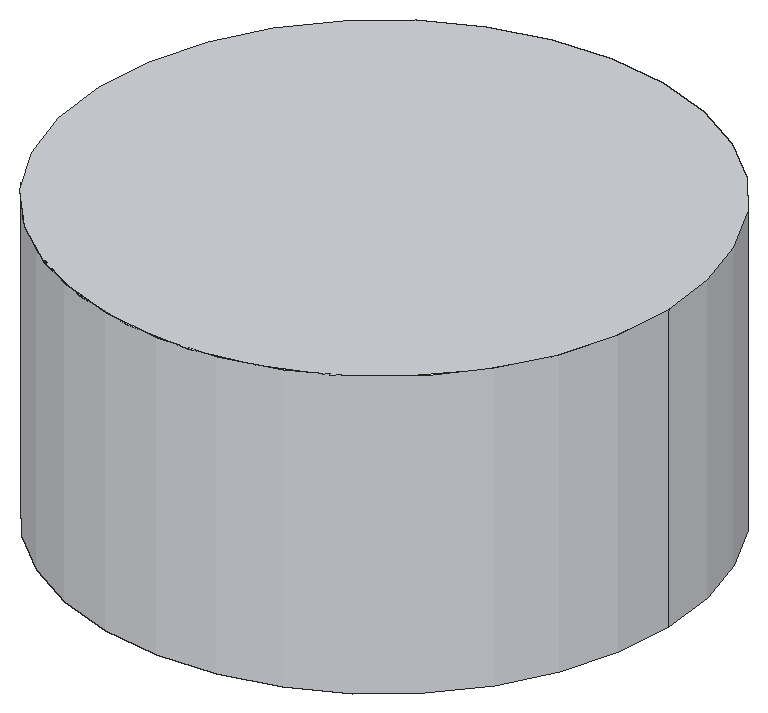
Revit family "ASF-18-C12", category Mechanical Equipment, Revit 2023
Family settings
  Round Connector Dimension = Use Diameter
  Classification = None
  Part Type = Normal
  OmniClass Number = 23.75.00.00
  OmniClass Title = Climate Control (HVAC)
  Work Plane-Based = No
  Always vertical = Yes
  Cut with Voids When Loaded = No
  Maintain Annotation Orientation = No
  Shared = No
  Room Calculation Point = No
Parameters (values of type "Standard")
  Volume = 0.110157 CF
  Title = "Aura Solar Attic Fan - 18\" Diameter, 8\" Tall Collar"
  Subject = "ASF-18-C8"
  Requested Accuracy = "Low"
  Part Number = "ASF-18-C12"
  Mass = 14.054 lbm
  Designer = "CAD Machine"
  Design State = 1
  Density = 127.581 lb/ft³
  Default Elevation = 0' - 0"
  Creation Date = "11/21/2022"
  Connector_1_Diameter = 1' - 5 3/4"
  Center of Gravity = "X: -0.018 in Y: -7.620 in Z: -0.040 in"
  Author = "CAD Machine"
  Area = 67.0621 SF
Reference planes (in)
  plane 1 "Center (Front/Back)": y = 0
  plane 2: z = 0
  plane 3 "Center (Left/Right)": x = 0
Forms (in)
  Extrusion 1, solid
    sketch origin (0, 0, -21.51341) x (1, 0, 0) y (0, 1, 0)
      loop
        circle (0, 0) r 0.12
    from 0 to -0.12
Dimensions and locks (in)
  aligned and locked: plane 2 to level
Connectors (in)
  hvac at (0, 0, -21.51341), driven by "Connector_1_Diameter"
    settings: on Extrusion 1, index 1, duct flow 0 CFM, flow factor 0, pres drop 0.00 in-wg, loss coef 0, conn angle 0.00°, conn width 12", conn height 12", conn diameter 17 3/4", duct sys type 3, conn prof type 0, flow config 1, flow direction 1, loss method 0, conn ref index -1, conn util no, is conn primary yes, conn desc ""
